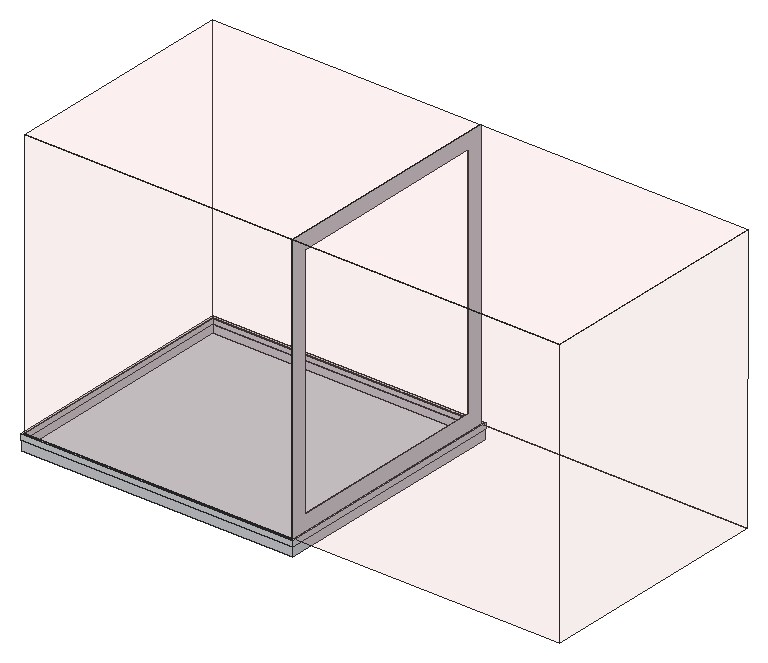
Revit family "Hager-PABLO-Flush_mounted-IP40-With_Cover-With_DIN-Hosted-IT-it", category Electrical Equipment, host Face, Revit 2023
Family settings
  Host = Face
  Panel Configuration = Two Columns, Circuits Across
  Round Connector Dimension = Use Diameter
  Part Type = Panelboard
  Cut with Voids When Loaded = No
  Maintain Annotation Orientation = Yes
  Shared = No
  Room Calculation Point = No
Parameters (values of type "PABLO-Flush_mounted_W460_H575_D25_18_Modular_Spacing-B04958")
  Width Control [instance] = if([HG000006-Flush mounted-it], if([EF000846 - Larghezza di montaggio] > min_whd, [EF000846 - Larghezza di montaggio], min_whd), if([EF000008 - Larghezza] > min_whd, ([EF000008 - Larghezza]), min_whd))  # 460 mm
  Void Depth [instance] = if([HG000006-Flush mounted-it], Depth Control, 1 mm)  # 16 mm
  Uniformat code = "D501001"
  Uniformat = "Low Tension Service & Dist."
  HGEF0002950-Numero moduli DIN = 18
  HGEF000266-Numero di file = 3
  HG000131 - Functional label [instance] = ""
  HG000130 - Functional name [instance] = ""
  Type Comments = ""
  System Height [instance] = Height Control - 2 * [HG000005-Thickness-it]  # 401 mm
  Reference description = ""
  Reference = "PABLO-Flush_mounted_W460_H575_D25_18_Modular_Spacing-B04958"
  Object type = ""
  Name hager = "ADD_Enclosures_EC000214"
  Name BIM&CO = "Electricity"
  Name = "Hager-PABLO-Flush_mounted-IP40-With_Cover-With_DIN-NoHosted-IT-it"
  Model = ""
  HG000099-Onfly Template ID-it-IT = "507532"
  HG000060-RAL-number = "7031"
  HG000059-Operating voltage-it-IT [instance] = 230 V
  HG000017-Distance between poles-it = 18 mm
  HG000016-Door 3D visibility-it = yes
  HG000015-Clearance visibility-it = yes
  HG000014-Door on the right-it = yes
  HG000013-Door on the left-it = no
  HG000012-Door swing angle-it = 90.00°
  HG000011-Empty rows from bottom-it = no
  HG000010-Asymmetric doors-it = no
  HG000009-Double swing door-it = no
  HG000008-Number of empty rows-it = 0
  HG000007-Number of empty columns-it = 0
  HG000006-Flush mounted-it = yes
  HG000005-Thickness-it = 2 mm
  HG000004-Manufacturer reference-it = "B04958"
  HG000003-Range-it = "PABLO"
  HG000002-with door or cover-it = yes
  HG000001 - Numero di colonne = 0
  GTIN (Global Trade Item Number) = ""
  ETIM class name = "Small distribution board"
  ETIM class code = "EC000214"
  EF015941 - Segnale di passaggio porta = no
  EF015777 - Morsettiera neutra = no
  EF015776 - Morsettiera di terra = no
  EF009212 - Esecuzione coperchio = ""
  EF006306 - Con serratura = no
  EF006244 - Coperchio/porta trasparente = yes
  EF005474 - Grado di protezione (IP) = "IP40"
  EF004464 - Tipo di porta = ""
  EF004462 - Tipo di chiusura = ""
  EF002950 - Numero moduli DIN = 18
  EF001596 - Materiale del corpo = ""
  EF001134 - Barra DIN = yes
  EF001131 - Profondità interna = 0 mm
  EF001088 - Possibilità di applicazione = no
  EF001062 - Esecuzione EMC = no
  EF000846 - Larghezza di montaggio = 460 mm
  EF000339 - Tipo di copertura = ""
  EF000332 - Altezza della parte incassata = 405 mm
  EF000266 - Numero di file = 3
  EF000218 - Profondità di incasso = 16 mm
  EF000118 - Con piastra di montaggio = no
  EF000116 - Numero RAL = 7031
  EF000049 - Profondità = 25 mm
  EF000040 - Altezza = 575 mm
  EF000024 - Resistente ai raggi UV = no
  EF000008 - Larghezza = 460 mm
  EF000007 - Colore = ""
  EF000003 - Tipo di montaggio = "Incassato"
  Creation Date = "12/15/2025 11:45:59"
  Code hager = "ADD-EC000214_EU"
  BIM&CO code = ""
  BC_VARIANT_ID = "1169519"
  BC_OBJECT_VERSION = "#6"  # constant formula
  BC_OBJECT_ID = "512274"  # constant formula
  BC_MODEL_ID = "1539148"  # constant formula
  Arrow Offset [instance] = Depth Control / 8  # 2 mm
  Arrow Height [instance] = Depth Control - Arrow Offset  # 14 mm
  Host Offset [instance] = if([HG000006-Flush mounted-it], 0 mm, [EF000049 - Profondità])  # 0 mm
  min_whd [instance] = (2 * [HG000005-Thickness-it]) + 1 mm  # 5 mm
  Manufacturer = "Hager"  # constant formula
  Height Control [instance] = if([HG000006-Flush mounted-it], if([EF000332 - Altezza della parte incassata] > min_whd, [EF000332 - Altezza della parte incassata], min_whd), if([EF000040 - Altezza] > min_whd, ([EF000040 - Altezza]), min_whd))  # 405 mm
  Flush Mounted - Door Frame Width [instance] = if(([EF000040 - Altezza] - [EF000332 - Altezza della parte incassata]) > 0 mm, if([HG000006-Flush mounted-it], [EF000040 - Altezza] - [EF000332 - Altezza della parte incassata], 0 mm), 0 mm)  # 170 mm
  Depth Control [instance] = if([HG000006-Flush mounted-it], if([EF000218 - Profondità di incasso] > 0 mm, [EF000218 - Profondità di incasso], 1 mm), if([EF000049 - Profondità] > 0 mm, ([EF000049 - Profondità]), 1 mm))  # 16 mm
  Default Elevation = 0 mm
Types (18, lengths in mm): name | Width Control | Void Depth | HGEF0002950-Numero moduli DIN | HGEF000266-Numero di file | System Height | Reference | HG000060-RAL-number | HG000004-Manufacturer reference-it | EF006244 - Coperchio/porta trasparente | EF002950 - Numero moduli DIN | EF000846 - Larghezza di montaggio | EF000332 - Altezza della parte incassata | EF000266 - Numero di file | EF000218 - Profondità di incasso | EF000116 - Numero RAL | EF000049 - Profondità | EF000040 - Altezza | EF000008 - Larghezza | BC_VARIANT_ID | Arrow Offset | Arrow Height | Height Control | Flush Mounted - Door Frame Width | Depth Control
  PABLO-Flush_mounted_W345_H425_D109_12_Modular_Spacing-B04104 | 345 | 77 | 12 | 2 | 401 | "PABLO-Flush_mounted_W345_H425_D109_12_Modular_Spacing-B04104" | "9016" | "B04104" | no | 12 | 345 | 405 | 2 | 77 | 9016 | 109 | 425 | 345 | "1169502" | 9.625 | 67.375 | 405 | 20 | 77
  PABLO-Flush_mounted_W455_H475_D114_12_Modular_Spacing-B04105 | 455 | 77 | 12 | 2 | 451 | "PABLO-Flush_mounted_W455_H475_D114_12_Modular_Spacing-B04105" | "9016" | "B04105" | no | 12 | 455 | 455 | 2 | 77 | 9016 | 114 | 475 | 455 | "1169503" | 9.625 | 67.375 | 455 | 20 | 77
  PABLO-Flush_mounted_W175_H191_D25_0_Modular_Spacing-B04941 | 175 | 16 | 0 | 0 | 156 | "PABLO-Flush_mounted_W175_H191_D25_0_Modular_Spacing-B04941" | "0" | "B04941" | no | 0 | 175 | 160 | 0 | 16 | 0 | 25 | 191 | 175 | "1169504" | 2 | 14 | 160 | 31 | 16
  PABLO-Flush_mounted_W211_H191_D25_0_Modular_Spacing-B04942 | 211 | 16 | 0 | 0 | 156 | "PABLO-Flush_mounted_W211_H191_D25_0_Modular_Spacing-B04942" | "9016" | "B04942" | no | 0 | 211 | 160 | 0 | 16 | 9016 | 25 | 191 | 211 | "1169505" | 2 | 14 | 160 | 31 | 16
  PABLO-Flush_mounted_W280_H235_D25_0_Modular_Spacing-B04943 | 280 | 16 | 0 | 0 | 156 | "PABLO-Flush_mounted_W280_H235_D25_0_Modular_Spacing-B04943" | "0" | "B04943" | no | 0 | 280 | 160 | 0 | 16 | 0 | 25 | 235 | 280 | "1169506" | 2 | 14 | 160 | 75 | 16
  PABLO-Flush_mounted_W352_H275_D25_12_Modular_Spacing-B04944 | 352 | 16 | 12 | 1 | 156 | "PABLO-Flush_mounted_W352_H275_D25_12_Modular_Spacing-B04944" | "9016" | "B04944" | no | 12 | 352 | 160 | 1 | 16 | 9016 | 25 | 275 | 352 | "1169507" | 2 | 14 | 160 | 115 | 16
  PABLO-Flush_mounted_W460_H275_D25_18_Modular_Spacing-B04945 | 460 | 16 | 18 | 1 | 156 | "PABLO-Flush_mounted_W460_H275_D25_18_Modular_Spacing-B04945" | "9016" | "B04945" | no | 18 | 460 | 160 | 1 | 16 | 9016 | 25 | 275 | 460 | "1169508" | 2 | 14 | 160 | 115 | 16
  PABLO-Flush_mounted_W352_H425_D25_12_Modular_Spacing-B04946 | 352 | 16 | 12 | 2 | 401 | "PABLO-Flush_mounted_W352_H425_D25_12_Modular_Spacing-B04946" | "9016" | "B04946" | no | 12 | 352 | 405 | 2 | 16 | 9016 | 25 | 425 | 352 | "1169509" | 2 | 14 | 405 | 20 | 16
  PABLO-Flush_mounted_W352_H575_D25_12_Modular_Spacing-B04947 | 352 | 16 | 12 | 3 | 401 | "PABLO-Flush_mounted_W352_H575_D25_12_Modular_Spacing-B04947" | "9016" | "B04947" | no | 12 | 352 | 405 | 3 | 16 | 9016 | 25 | 575 | 352 | "1169510" | 2 | 14 | 405 | 170 | 16
  PABLO-Flush_mounted_W460_H575_D25_18_Modular_Spacing-B04948 | 460 | 16 | 18 | 3 | 401 | "PABLO-Flush_mounted_W460_H575_D25_18_Modular_Spacing-B04948" | "9016" | "B04948" | no | 18 | 460 | 405 | 3 | 16 | 9016 | 25 | 575 | 460 | "1169511" | 2 | 14 | 405 | 170 | 16
  PABLO-Flush_mounted_W175_H191_D25_0_Modular_Spacing-B04951 | 175 | 16 | 0 | 0 | 156 | "PABLO-Flush_mounted_W175_H191_D25_0_Modular_Spacing-B04951" | "9016" | "B04951" | no | 0 | 175 | 160 | 0 | 16 | 9016 | 25 | 191 | 175 | "1169512" | 2 | 14 | 160 | 31 | 16
  PABLO-Flush_mounted_W211_H191_D25_0_Modular_Spacing-B04952 | 211 | 16 | 0 | 0 | 156 | "PABLO-Flush_mounted_W211_H191_D25_0_Modular_Spacing-B04952" | "0" | "B04952" | no | 0 | 211 | 160 | 0 | 16 | 0 | 25 | 191 | 211 | "1169513" | 2 | 14 | 160 | 31 | 16
  PABLO-Flush_mounted_W280_H235_D25_0_Modular_Spacing-B04953 | 280 | 16 | 0 | 0 | 156 | "PABLO-Flush_mounted_W280_H235_D25_0_Modular_Spacing-B04953" | "0" | "B04953" | no | 0 | 280 | 160 | 0 | 16 | 0 | 25 | 235 | 280 | "1169514" | 2 | 14 | 160 | 75 | 16
  PABLO-Flush_mounted_W352_H275_D25_12_Modular_Spacing-B04954 | 352 | 16 | 12 | 1 | 156 | "PABLO-Flush_mounted_W352_H275_D25_12_Modular_Spacing-B04954" | "7031" | "B04954" | yes | 12 | 352 | 160 | 1 | 16 | 7031 | 25 | 275 | 352 | "1169515" | 2 | 14 | 160 | 115 | 16
  PABLO-Flush_mounted_W460_H275_D25_18_Modular_Spacing-B04955 | 460 | 16 | 18 | 1 | 156 | "PABLO-Flush_mounted_W460_H275_D25_18_Modular_Spacing-B04955" | "7031" | "B04955" | no | 18 | 460 | 160 | 1 | 16 | 7031 | 25 | 275 | 460 | "1169516" | 2 | 14 | 160 | 115 | 16
  PABLO-Flush_mounted_W352_H425_D25_12_Modular_Spacing-B04956 | 352 | 16 | 12 | 2 | 401 | "PABLO-Flush_mounted_W352_H425_D25_12_Modular_Spacing-B04956" | "7031" | "B04956" | yes | 12 | 352 | 405 | 2 | 16 | 7031 | 25 | 425 | 352 | "1169517" | 2 | 14 | 405 | 20 | 16
  PABLO-Flush_mounted_W352_H575_D25_12_Modular_Spacing-B04957 | 352 | 16 | 12 | 3 | 401 | "PABLO-Flush_mounted_W352_H575_D25_12_Modular_Spacing-B04957" | "7031" | "B04957" | no | 12 | 352 | 405 | 3 | 16 | 7031 | 25 | 575 | 352 | "1169518" | 2 | 14 | 405 | 170 | 16
  PABLO-Flush_mounted_W460_H575_D25_18_Modular_Spacing-B04958 | 460 | 16 | 18 | 3 | 401 | "PABLO-Flush_mounted_W460_H575_D25_18_Modular_Spacing-B04958" | "7031" | "B04958" | yes | 18 | 460 | 405 | 3 | 16 | 7031 | 25 | 575 | 460 | "1169519" | 2 | 14 | 405 | 170 | 16
Reference planes
  plane 1 "Center (Front/Back)": y = 0
  plane 2: z = 0
  plane 3 "Center (Left/Right)": x = 0
  plane 4: z = 0
  plane 5: y = 172
  plane 6: z = -5
  plane 7: y = 372.5
  plane 8: y = 170
  plane 9: y = 575
  plane 10: z = -16
  plane 11: x = -230
  plane 12: x = 230
  plane 13: x = 228
  plane 14: x = -228
  plane 15: y = 573
  plane 16: z = -14
  plane 17: z = -2
  plane 18: z = -16
  plane 19: z = -2
  plane 20 "Annotation H": y = -100
  plane 21 "Annotation V": x = 530
Forms (mm)
  Extrusion 1, solid
    sketch origin (-583.045, 170, 1219.2) x (-1, 0, 0) y (0, 0, 1)
      loop
        line (-353.045, -1219.2) -> (-813.045, -1219.2) -> (-813.045, -1235.2) -> (-353.045, -1235.2) -> (-353.045, -1219.2)
    from 0 to 405 <- "Height Control"
  Extrusion 2, void
    sketch origin (-381.607, -4572, 0) x (0, -1, 0) y (-1, 0, 0)
      loop
        line (-5145, -153.607) -> (-5145, -609.607) -> (-4744, -609.607) -> (-4744, -153.607) -> (-5145, -153.607)
    from 0 to 14
  Extrusion 3, void
    sketch origin (0, 0, 0) x (1, 0, 0) y (0, 1, 0)
      loop
        line (-230, 170) -> (230, 170) -> (230, 575) -> (-230, 575) -> (-230, 170)
    from -16 to 1
  Extrusion 4, solid, detail levels coarse+medium
    sketch origin (-381.607, -4572, 0) x (-1, 0, 0) y (0, -1, 0)
      loop
        line (-153.607, -5145) -> (-153.607, -4744) -> (-609.607, -4744) -> (-609.607, -5145) -> (-153.607, -5145)
    from 0 to -2
Cuts and joins
  Extrusion 2 cuts Extrusion 1
Dimensions and locks
  plane 4 to plane 6 = 5 mm
  "Host Offset": plane 4 to host face
  "Flush Mounted - Door Frame Width": plane 1 "Center (Front/Back)" to plane 8
  "HG000005-Thickness-it": plane 5 to plane 8
  locked: connector elem to plane 3 "Center (Left/Right)"
  "Height Control": plane 9 to plane 8
  equal spacing: plane 9, plane 7, plane 8
  locked: connector elem to plane 7
  "Depth Control": plane 4 to plane 10
  "HG000005-Thickness-it": plane 11 to plane 14
  "HG000005-Thickness-it": plane 12 to plane 13
  equal spacing: plane 11, plane 3 "Center (Left/Right)", plane 12
  "Width Control": plane 11 to plane 12
  "Arrow Offset": nested 4 to plane 10
  "HG000005-Thickness-it": plane 9 to plane 15
  "HG000005-Thickness-it": plane 16 to plane 10
  "HG000005-Thickness-it": plane 4 to plane 17
  "Void Depth": plane 2 to plane 18
  "HG000005-Thickness-it": plane 4 to plane 19
  locked: plane 20 "Annotation H" to plane 1 "Center (Front/Back)" at 100
  locked: plane 12 to plane 21 "Annotation V" at 300
  aligned and locked: plane 2 to host face
  aligned and locked: level to host face
  aligned and locked: plane 3 "Center (Left/Right)" to nested 2
  aligned and locked: plane 4 to nested 2
  aligned and locked: nested 2 to plane 8
  aligned and locked: nested 1 to plane 6
  aligned and locked: nested 1 to plane 5
  aligned and locked: nested 4 to plane 11
  aligned and locked: nested 3 to plane 4
  aligned and locked: Extrusion 1 sketch curve to plane 12
  aligned and locked: Extrusion 1 sketch curve to plane 11
  aligned and locked: nested 3 to plane 10
  aligned and locked: plane 10 to Extrusion 1 sketch curve
  aligned and locked: Extrusion 2 sketch curve to plane 5
  aligned and locked: Extrusion 2 sketch curve to plane 15
  aligned and locked: Extrusion 2 sketch curve to plane 14
  aligned and locked: Extrusion 2 sketch curve to plane 13
  aligned and locked: plane 11 to Extrusion 3 sketch curve
  aligned and locked: plane 9 to Extrusion 3 sketch curve
  aligned and locked: Extrusion 3 sketch curve to plane 8
  aligned and locked: plane 12 to Extrusion 3 sketch curve
  aligned and locked: nested 3 to plane 12
  aligned and locked: Extrusion 3 to plane 18
  aligned and locked: Extrusion 2 to plane 16
  aligned and locked: Extrusion 1 sketch curve to plane 4
  aligned and locked: Extrusion 4 to plane 17
  aligned and locked: Extrusion 4 sketch curve to plane 15
  aligned and locked: Extrusion 4 sketch curve to plane 13
  aligned and locked: Extrusion 4 sketch curve to plane 14
  aligned and locked: Extrusion 4 sketch curve to plane 5
  aligned and locked: nested 5 to plane 21 "Annotation V"
  aligned and locked: plane 20 "Annotation H" to nested 5
Automatic sketch dimensions
  host sketch curve to host sketch curve = 1469.727 mm
  host sketch curve to host sketch curve = 1434.803 mm
Nested families
  nested 1: "Hager_Enclosure_System" at (0, 172, -5) x (1, 0, 0) z (0, 1, 0), Height <- "System Height", Width_Control <- "Width Control", Built-in_Width <- "EF000846 - Larghezza di montaggio", Width <- "EF000008 - Larghezza", Depth <- "HG000005-Thickness-it", Border <- "HG000005-Thickness-it", Distance_Between_Poles <- "HG000017-Distance between poles-it", Flush_Mounted <- "HG000006-Flush mounted-it", Empty_Columns <- "HG000007-Number of empty columns-it", Total_No_Empty_Rows <- "HG000008-Number of empty rows-it", Empty_Rows_From_Bottom <- "HG000011-Empty rows from bottom-it", Columns_Count <- "HG000001 - Numero di colonne", Rows_Count <- "HGEF000266-Numero di file", Row_Module_Multiplicator <- "HGEF0002950-Numero moduli DIN", type "Hager_Enclosure_System", detail levels fine
    with Width_Control 460 mm, Width 460 mm, Total_No_Rows 3, Total_No_Empty_Rows 0, Total_No_Columns 1, System_Width 456 mm, Rows_Count 3, Rows_Column 3, Row_Module_Multiplicator 18, Panel_4 no, Panel_3 no, Panel_2 no, Panel_1 no, No_Panels_Ctrl 1, Hide_Columns yes, Height 401 mm, Flush_Mounted yes, Empty_Rows_From_Bottom no, Empty_Rows_Column 0, Empty_Columns 0, Empty column 4 0, Empty column 3 0, Empty column 2 0, Empty column 1 0, Distance_Between_Poles 18 mm, Depth 2 mm, Columns_Count 0, Column_Width 456 mm, Built-in_Width 460 mm, Border 2 mm
  nested 2: "Hager_Enclosure_Door" at (0, 170, 0) x (1, 0, 0) z (0, 1, 0), Height_Ctrl <- "Height Control", Width_Ctrl <- "Width Control", BuiltIn_Depth <- "EF000218 - Profondità di incasso", Depth <- "EF000049 - Profondità", BuiltIn_Width <- "EF000846 - Larghezza di montaggio", Height <- "EF000040 - Altezza", BuiltIn_Height <- "EF000332 - Altezza della parte incassata", Width <- "EF000008 - Larghezza", Transparent <- "EF006244 - Coperchio/porta trasparente", Border <- "HG000005-Thickness-it", Door <- "HG000002-with door or cover-it", Flush_Mounted <- "HG000006-Flush mounted-it", Double <- "HG000009-Double swing door-it", Assymetrical <- "HG000010-Asymmetric doors-it", Angle <- "HG000012-Door swing angle-it", Door_Left <- "HG000013-Door on the left-it", Door_Right <- "HG000014-Door on the right-it", Clearance <- "HG000015-Clearance visibility-it", 3d_Door <- "HG000016-Door 3D visibility-it", type "Hager_Enclosure_Door", detail levels medium+fine
    with min_wh 5 mm, Width_Ctrl 460 mm, Width 460 mm, Transparent_Door_No_Bottom_Border no, Transparent yes, Leaf_Width 453 mm, Leaf_Tolerance 1.5 mm, Leaf_Height 398 mm, Leaf_2_Width 453 mm, Leaf_2_Offset 226.5 mm, Leaf_1_Width 453 mm, Leaf_1_Offset 226.5 mm, Height_Ctrl 405 mm, Height 575 mm, Frame_Width_Ctrl 1 mm, Frame_Width 0 mm, Frame_Internal_Offset 2 mm, Frame_Height_Ctrl 170 mm, Frame_Height 170 mm, Frame_Depth_Ctrl 9 mm, Frame_Depth 9 mm, Flush_Mounted yes, Double_Clearance_Ctrl no, Double no, Door_Right_Ctrl yes, Door_Right yes, Door_Left_Ctrl no, Door_Left no, Door yes, Depth 25 mm, Clearance_Depth 453 mm, Clearance_Ctrl yes, Clearance yes, BuiltIn_Width 460 mm, BuiltIn_Height 405 mm, BuiltIn_Depth 16 mm, Border 2 mm, Assymetrical no, Angle 90.00°, 3d_Door yes
  nested 3: "Hager_Enclosure_Symbol_Triangle" at (-230, 0, -16) x (1, 0, 0) z (0, -1, 0), Depth <- "Depth Control", Width <- "Width Control", type "Hager_Enclosure_Symbol_Triangle"
    with Width_Ctrl 460 mm, Width 460 mm, Depth_Ctrl 16 mm, Depth 16 mm
  nested 4: "Hager_Enclosure_Symbol_Arrow" at (-230, 0, -14) x (1, 0, 0) z (0, -1, 0), Height <- "Arrow Height", type "Hager_Enclosure_Symbol_Arrow"
    with Width_Inside 2 mm, Width 12.6 mm, Height_Ctrl 14 mm, Height 14 mm
  nested 5: "Hager_Annotation-HG000130" at (530, -100, 0) x (-1, 0, 0) z (0, 0, 1), HG000130 - Functional name <- "HG000130 - Functional name", type "Hager_Annotation-HG000130"
    with HG000130 - Functional name ""
Connectors
  electrical at (0, 372.5, -16)
    settings: on plane 10, index 1, voltage 0 V, apparent load 0 VA, apparent load phase1 0 VA, apparent load phase2 0 VA, apparent load phase3 0 VA, power factor 1, load classification "Other", number of poles 1, system type 30, power factor state 1, is connector primary yes, connector utility no, sub classification motor no, connector description ""
Definition of nested family "Hager_Enclosure_Door"
  Parameters (values of type "Hager_Enclosure_Door")
    min_wh [instance] = (2 * Border) + 1 mm  # 11 mm
    Width_Ctrl [instance] = 400 mm
    Width [instance] = 500 mm
    Transparent_Door_No_Bottom_Border [instance] = no
    Transparent [instance] = yes
    Leaf_Width [instance] = if((Width_Ctrl - 2 * Border - 2 * Leaf_Tolerance) > 0 mm, (Width_Ctrl - 2 * Border - 2 * Leaf_Tolerance), min_wh)  # 387 mm
    Leaf_Tolerance [instance] = 1.5 mm  # constant formula
    Leaf_Height [instance] = if((Height_Ctrl - 2 * Border - 2 * Leaf_Tolerance) > 0 mm, (Height_Ctrl - 2 * Border - 2 * Leaf_Tolerance), min_wh)  # 387 mm
    Leaf_2_Width [instance] = if(and(and(Double, Assymetrical), Door_Left), (Leaf_Width / 3) - (Leaf_Tolerance / 2), if(and(and(Double, Assymetrical), Door_Right), (Leaf_Width / 3) * 2 - (Leaf_Tolerance / 2), if(and(Double, not(Assymetrical)), (Leaf_Width / 2) - Leaf_Tolerance, Leaf_Width)))  # 387 mm
    Leaf_2_Offset [instance] = if(and(Double, Assymetrical), Leaf_2_Width / 2, if(and(Double, not(Assymetrical)), Leaf_Width / 4, Leaf_Width / 2))  # 193.5 mm
    Leaf_1_Width [instance] = if(and(and(Double, Assymetrical), Door_Right), (Leaf_Width / 3) - (Leaf_Tolerance / 2), if(and(and(Double, Assymetrical), Door_Left), (Width / 3) * 2 - (Leaf_Tolerance / 2), if(and(Double, not(Assymetrical)), (Leaf_Width / 2) - Leaf_Tolerance, Leaf_Width)))  # 387 mm
    Leaf_1_Offset [instance] = if(and(Double, Assymetrical), Leaf_1_Width / 2, if(and(Double, not(Assymetrical)), Leaf_Width / 4, Leaf_Width / 2))  # 193.5 mm
    Height_Ctrl [instance] = 400 mm
    Height [instance] = 500 mm
    Frame_Width_Ctrl [instance] = if(Frame_Width > 0 mm, Frame_Width, 1 mm)  # 1 mm
    Frame_Width [instance] = Width - BuiltIn_Width  # 0 mm
    Frame_Internal_Offset [instance] = if(Flush_Mounted, Border, 0 mm)  # 5 mm
    Frame_Height_Ctrl [instance] = if(Frame_Height > 0 mm, Frame_Height, 1 mm)  # 1 mm
    Frame_Height [instance] = Height - BuiltIn_Height  # 0 mm
    Frame_Depth_Ctrl [instance] = if(Frame_Depth > 0 mm, Frame_Depth, 1 mm)  # 1 mm
    Frame_Depth [instance] = if(Depth - BuiltIn_Depth > 0 mm, if(Flush_Mounted, Depth - BuiltIn_Depth, 0 mm), 0 mm)  # 0 mm
    Flush_Mounted [instance] = yes
    Double_Clearance_Ctrl [instance] = and(Double, Clearance)  # no
    Double [instance] = no
    Door_Right_Ctrl [instance] = and(or(Door_Right, Double), Door)  # yes
    Door_Right [instance] = yes
    Door_Left_Ctrl [instance] = and(or(Door_Left, Double), Door)  # no
    Door_Left [instance] = no
    Door [instance] = yes
    Depth [instance] = 500 mm
    Default Elevation = 1219.2 mm
    Clearance_Material = none
    Clearance_Depth [instance] = if(Leaf_1_Width > Leaf_2_Width, Leaf_1_Width, Leaf_2_Width)  # 387 mm
    Clearance_Ctrl [instance] = and(not(Double), Clearance)  # yes
    Clearance [instance] = yes
    BuiltIn_Width [instance] = 500 mm
    BuiltIn_Height [instance] = 500 mm
    BuiltIn_Depth [instance] = 500 mm
    Border [instance] = 5 mm
    Assymetrical [instance] = yes
    Angle [instance] = 30.00°
    3d_Door [instance] = yes
  Reference planes
    plane 1 "Center (Front/Back)": y = 0
    plane 2 "Bottom": z = 0
    plane 3 "Center (Left/Right)": x = 0
    plane 4: z = 400
    plane 5: x = -200
    plane 6: x = 200
    plane 7: z = 395
    plane 8: x = -195
    plane 9: z = 5
    plane 10: x = 195
    plane 11: y = 0
    plane 12: z = 6.5
    plane 13: x = -582
    plane 14: y = -387
    plane 15: x = 582
    plane 16: x = 0
    plane 17: x = 0
    plane 18: x = -193.5
    plane 19: x = 193.5
    plane 20: z = 393.5
  Forms (mm)
    Extrusion 1, solid, visible <- "Flush_Mounted"
      sketch origin (0, 0, 0) x (1, 0, 0) y (0, 0, 1)
        loop
          line (195, 5) -> (195, 395) -> (-195, 395) -> (-195, 5) -> (195, 5)
        loop
          line (-201, 401) -> (-201, -1) -> (201, -1) -> (201, 401) -> (-201, 401)
      from 0 to 1 <- "Frame_Depth_Ctrl"
    Extrusion 2, solid, material <- "Clearance_Material", visible <- "Double_Clearance_Ctrl"
      sketch origin (1200, 0, 0) x (1, 0, 0) y (0, 0, -1)
        loop
          line (-1782, -393.5) -> (-618, -393.5) -> (-618, 0) -> (-1782, 0) -> (-1782, -393.5)
      from 0 to -387
  Dimensions and locks
    equal spacing: plane 5, plane 3 "Center (Left/Right)", plane 6
    "Width_Ctrl": plane 5 to plane 6
    "Border": plane 5 to plane 8
    "Border": plane 6 to plane 10
    "Border": plane 9 to level
    "Border": plane 4 to plane 7
    "Height_Ctrl": plane 4 to level
    "Leaf_Tolerance": plane 12 to plane 9
    "Frame_Depth": plane 11 to plane 1 "Center (Front/Back)"
    "Frame_Width_Ctrl": plane 5 to Extrusion 1 sketch curve
    "Frame_Width_Ctrl": plane 6 to Extrusion 1 sketch curve
    "Frame_Width_Ctrl": Extrusion 1 sketch curve to plane 4
    "Frame_Width_Ctrl": plane 2 "Bottom" to Extrusion 1 sketch curve
    "Leaf_1_Offset": plane 18 to plane 16
    "Leaf_2_Offset": plane 17 to plane 19
    "Leaf_1_Width": plane 13 to plane 8
    "Leaf_2_Width": plane 10 to plane 15
    "Clearance_Depth": plane 14 to plane 1 "Center (Front/Back)"
    "Leaf_Tolerance": plane 8 to plane 18
    "Leaf_Tolerance": plane 19 to plane 10
    "Leaf_Tolerance": plane 7 to plane 20
    "Frame_Internal_Offset": plane 5 to Extrusion 1 sketch curve
    "Frame_Internal_Offset": Extrusion 1 sketch curve to plane 2 "Bottom"
    "Frame_Internal_Offset": plane 6 to Extrusion 1 sketch curve
    "Frame_Internal_Offset": plane 4 to Extrusion 1 sketch curve
    aligned and locked: level to plane 2 "Bottom"
    aligned and locked: nested 1 to plane 16
    aligned and locked: nested 2 to plane 17
    aligned and locked: Extrusion 2 to plane 13
    aligned and locked: plane 15 to Extrusion 2
    aligned and locked: Extrusion 2 to plane 14
    aligned and locked: plane 12 to nested 1
    aligned and locked: nested 2 to plane 12
    aligned and locked: Extrusion 2 to plane 11
    aligned and locked: plane 20 to Extrusion 2
    aligned and locked: nested 2 to plane 11
    aligned and locked: nested 1 to plane 11
  Automatic sketch dimensions
    Extrusion 2 sketch curve to level = 0 mm
    plane 5 to Extrusion 2 sketch curve = 382 mm
    plane 6 to Extrusion 2 sketch curve = 382 mm
    Extrusion 2 sketch curve to plane 4 = 6.5 mm
  Nested families
    nested 1: "Hager_Enclosure_Door_Leaf" at (0, 0, 6.5), Width <- "Leaf_1_Width", visible <- "Door_Left_Ctrl", Leaf_Height <- "Leaf_Height", Angle <- "Angle", Depth <- "Border", 3d_Door <- "3d_Door", Transparent <- "Transparent", Clearance Material <- "Clearance_Material", Clearance <- "Clearance_Ctrl", Transparent_Door_No_Bottom_Border <- "Transparent_Door_No_Bottom_Border", type "Hager_Enclosure_Door_Leaf"
      with Width 387 mm, Transparent_Door_No_Bottom_Border no, Transparent_Door_Border_Bottom_Top 25 mm, Transparent_Door_Border 25 mm, Transparent_Ctrl yes, Transparent yes, Standard no, Leaf_Height 387 mm, Glass_Offset 1 mm, Depth 5 mm, Clearance Material none, Clearance yes, Angle_Ctrl 30.00°, Angle 30.00°, 3d_Door yes
    nested 2: "Hager_Enclosure_Door_Leaf" at (0, 0, 6.5) x (-1, 0, 0) z (0, 0, 1), Width <- "Leaf_2_Width", visible <- "Door_Right_Ctrl", Leaf_Height <- "Leaf_Height", Angle <- "Angle", Depth <- "Border", 3d_Door <- "3d_Door", Transparent <- "Transparent", Clearance Material <- "Clearance_Material", Clearance <- "Clearance_Ctrl", Transparent_Door_No_Bottom_Border <- "Transparent_Door_No_Bottom_Border", type "Hager_Enclosure_Door_Leaf"
      with Width 387 mm, Transparent_Door_No_Bottom_Border no, Transparent_Door_Border_Bottom_Top 25 mm, Transparent_Door_Border 25 mm, Transparent_Ctrl yes, Transparent yes, Standard no, Leaf_Height 387 mm, Glass_Offset 1 mm, Depth 5 mm, Clearance Material none, Clearance yes, Angle_Ctrl 30.00°, Angle 30.00°, 3d_Door yes
  Definition of nested family "Hager_Enclosure_Door_Leaf"
    Parameters (values of type "Hager_Enclosure_Door_Leaf")
      Width [instance] = 2000 mm
      Transparent_Door_No_Bottom_Border [instance] = yes
      Transparent_Door_Border_Bottom_Top [instance] = if(Transparent_Door_No_Bottom_Border, 0.1 mm, Transparent_Door_Border)  # 0.1 mm
      Transparent_Door_Border [instance] = if(Transparent_Door_No_Bottom_Border, (Width * 0.12), 25 mm)  # 240 mm
      Transparent_Ctrl [instance] = and(Transparent, [3d_Door])  # yes
      Transparent [instance] = yes
      Standard [instance] = and(not(Transparent), [3d_Door])  # no
      Leaf_Height [instance] = 2720.336 mm
      Glass_Offset [instance] = if((Depth - 10 mm) / 2 > 0 mm, (Depth - 10 mm) / 2, 1 mm)  # 15 mm
      Glass_Material = none
      Depth [instance] = 40 mm
      Default Elevation = 0 mm
      Clearance Material [instance] = none
      Clearance [instance] = yes
      Angle_Ctrl [instance] = if(Angle > 170.00°, 170.00°, Angle)  # 45.00°
      Angle [instance] = 45.00°
      3d_Door [instance] = yes
    Reference planes
      plane 1 "Center (Front/Back)": y = 0
      plane 2: z = 0
      plane 3 "Center (Left/Right)": x = 0
      plane 4: y = 2000
      plane 5: x = -1000
      plane 6: x = 1000
      plane 7: x = -3000
      plane 8: z = 2720.336
      plane 9: z = 0.1
      plane 10: z = 2720.236
      plane 11: x = 760
      plane 12: x = -760
    Forms (mm)
      Extrusion 1, solid, material <- "Clearance Material", visible <- "Clearance"
        sketch origin (0, 0, 0) x (1, 0, 0) y (0, 0, 1)
          loop
            line (-3000, 2720.336) -> (-3000, 0) -> (1000, 0) -> (1000, 2720.336) -> (-3000, 2720.336)
        from 0 to -2000
      Extrusion 2, solid, visible <- "Standard", detail levels medium+fine
        sketch origin (-1000, 0, 0) x (0.707107, 0.707107, 0) y (-0.707107, 0.707107, 0)
          loop
            line (0, -40) -> (2000, -40) -> (2000, 0) -> (0, 0) -> (0, -40)
        from 0 to 2720.336 <- "Leaf_Height"
      Extrusion 3, solid, visible <- "Transparent_Ctrl", detail levels medium+fine
        sketch origin (-1000, 0, 0) x (0.707107, 0.707107, 0) y (-0.707107, 0.707107, 0)
          loop
            line (0, -40) -> (2000, -40) -> (2000, 0) -> (0, 0) -> (0, -40)
        from 0 to 2720.336 <- "Leaf_Height"
      Extrusion 4, void, detail levels medium+fine
        sketch origin (-1000, 0, 0) x (-0.707107, 0.707107, 0) y (0.707107, 0.707107, 0)
          loop
            line (0, 240) -> (0, 1760) -> (-40, 1760) -> (-40, 240) -> (0, 240)
        from -2720.236 to -0.1
      Extrusion 5, solid, material <- "Glass_Material", visible <- "Transparent_Ctrl", detail levels medium+fine
        sketch origin (-1000, 0, 0) x (0.707107, 0.707107, 0) y (-0.707107, 0.707107, 0)
          loop
            line (240, -15) -> (240, -25) -> (1760, -25) -> (1760, -15) -> (240, -15)
        from 0.1 to 2720.236
    Cuts and joins
      Extrusion 4 cuts Extrusion 3
    Lines and regions (mm)
      symbolic lines
        curve 1: line (1000, 0, 0) -> (-3000, 0, 0)
        curve 2: arc (1000, 0, 0) -> (-1000, 2000, 0) -> (-3000, 0, 0) r 2000
        curve 4: line (-1000, 0, 0) -> (414.214, 1414.214, 0)
      reference lines
        curve 3: line (-1000, 0, 0) -> (414.214, 1414.214, 0)
      symbolic lines, detail levels medium+fine
        curve 5: line (414.214, 1414.214, 0) -> (442.498, 1385.929, 0)
        curve 6: line (442.498, 1385.929, 0) -> (-971.716, -28.284, 0)
        curve 7: line (-971.716, -28.284, 0) -> (-1000, 0, 0)
        curve 8: line (-1000, 0, 2720.336) -> (1000, 0, 2720.336)
        curve 9: line (-1000, 0, 0) -> (-1000, 0, 2720.336)
        curve 10: line (1000, 0, 0) -> (-1000, 0, 0)
        curve 11: line (1000, 0, 2720.336) -> (1000, 0, 0)
      symbolic lines, visible <- "Transparent_Ctrl", detail levels medium+fine
        curve 12: line (-760, 0, 2720.236) -> (760, 0, 2720.236)
        curve 13: line (-760, 0, 0.1) -> (-760, 0, 2720.236)
        curve 14: line (760, 0, 0.1) -> (-760, 0, 0.1)
        curve 15: line (760, 0, 2720.236) -> (760, 0, 0.1)
    Dimensions and locks
      "Width": plane 1 "Center (Front/Back)" to plane 4
      equal spacing: plane 5, plane 3 "Center (Left/Right)", plane 6
      "Width": plane 5 to plane 6
      "Width": plane 7 to plane 5
      "Leaf_Height": plane 8 to level
      "Depth": curve 6 to curve 3
      "Width": curve 5 to curve 3
      "Width": curve 3 to curve 3
      "Transparent_Door_Border": Extrusion 4 sketch curve to curve 7
      "Transparent_Door_Border": Extrusion 4 sketch curve to curve 5
      "Transparent_Door_Border_Bottom_Top": plane 8 to plane 10
      "Transparent_Door_Border_Bottom_Top": plane 9 to level
      "Glass_Offset": Extrusion 5 sketch curve to curve 4
      "Glass_Offset": Extrusion 5 sketch curve to curve 6
      "Transparent_Door_Border": Extrusion 5 sketch curve to curve 5
      "Transparent_Door_Border": Extrusion 5 sketch curve to curve 7
      "Transparent_Door_Border": plane 12 to plane 5
      "Transparent_Door_Border": plane 6 to plane 11
      "Angle_Ctrl": angle plane 1 "Center (Front/Back)" to curve 3
      aligned and locked: level to plane 2
      aligned and locked: Extrusion 1 to curve 1
      aligned and locked: plane 6 to Extrusion 1
      aligned and locked: Extrusion 1 to plane 1 "Center (Front/Back)"
      aligned and locked: plane 4 to Extrusion 1
      aligned and locked: plane 8 to Extrusion 1
      aligned and locked: curve 4 to curve 3
      aligned and locked: Extrusion 2 sketch curve to curve 7
      aligned and locked: Extrusion 2 sketch curve to curve 6
      aligned and locked: Extrusion 2 sketch curve to curve 5
      aligned and locked: Extrusion 2 sketch curve to curve 3
      aligned and locked: curve 7 to Extrusion 3 sketch curve
      aligned and locked: Extrusion 3 sketch curve to curve 4
      aligned and locked: Extrusion 3 sketch curve to curve 6
      aligned and locked: Extrusion 3 sketch curve to curve 5
      aligned and locked: curve 4 to Extrusion 4 sketch curve
      aligned and locked: curve 6 to Extrusion 4 sketch curve
      aligned and locked: Extrusion 4 to plane 9
      aligned and locked: Extrusion 4 to plane 10
      aligned and locked: Extrusion 5 to plane 9
      aligned and locked: Extrusion 5 to plane 10
      aligned and locked: curve 8 to plane 8
      aligned and locked: plane 5 to curve 9
      aligned and locked: plane 2 to curve 10
      aligned and locked: curve 11 to plane 6
      aligned and locked: plane 10 to curve 12
      aligned and locked: plane 12 to curve 13
      aligned and locked: curve 14 to plane 9
      aligned and locked: plane 11 to curve 15
    Automatic sketch dimensions
      plane 1 "Center (Front/Back)" to curve 2 = 0 mm
      curve 2 to plane 5 = 0 mm
      Extrusion 1 sketch curve to level = 0 mm
      Extrusion 1 sketch curve to plane 7 = 0 mm
      Extrusion 1 sketch curve to plane 6 = 0 mm
      Extrusion 1 sketch curve to plane 8 = 0 mm
      plane 1 "Center (Front/Back)" to curve 3 = 0 mm
      curve 3 to plane 5 = 0 mm
      curve 7 to curve 3 = 0 mm
Definition of nested family "Hager_Enclosure_Symbol_Triangle"
  Parameters (values of type "Hager_Enclosure_Symbol_Triangle")
    Width_Ctrl [instance] = if(Width > 1 mm, Width, 1 mm)  # 498 mm
    Width [instance] = 498 mm
    Depth_Ctrl [instance] = if(Depth > 1 mm, Depth, 1 mm)  # 72 mm
    Depth [instance] = 72 mm
  Reference planes
    plane 1 "Centre (avant/arrière)": y = 0
    plane 2: z = 0
    plane 3 "Centre (gauche/droite)": x = 0
  Lines and regions (mm)
    Filled region 1, type "Solid_Black", in view "Niveau de réf."
      outline origin (0, 0, 0) x (1, 0, 0) y (0, 1, 0)
        loop
          line (0, 0) -> (498, 0) -> (498, 72) -> (0, 0)
    reference lines, in view "Niveau de réf."
      curve 1: line (-206.153, 72, 0) -> (1083.258, 72, 0)
      curve 2: line (498, 405.456, 0) -> (498, -517.619, 0)
  Dimensions and locks
    "Depth_Ctrl": plane 1 "Centre (avant/arrière)" to curve 1
    "Width_Ctrl": plane 3 "Centre (gauche/droite)" to curve 2
    aligned and locked: curve 1 to Filled region 1 sketch curve
    aligned and locked: Filled region 1 sketch curve to plane 1 "Centre (avant/arrière)"
    aligned and locked: curve 2 to Filled region 1 sketch curve
    aligned and locked: plane 3 "Centre (gauche/droite)" to Filled region 1 sketch curve
    aligned and locked: plane 1 "Centre (avant/arrière)" to Filled region 1 sketch curve
  Automatic sketch dimensions
    curve 1 to plane 3 "Centre (gauche/droite)" = 206.153 mm
    curve 2 to curve 1 = 585.258 mm
    plane 1 "Centre (avant/arrière)" to curve 2 = 517.619 mm
    curve 2 to plane 1 "Centre (avant/arrière)" = 405.456 mm
Definition of nested family "Hager_Enclosure_Symbol_Arrow"
  Parameters (values of type "Hager_Enclosure_Symbol_Arrow")
    Width_Inside [instance] = if(Width / 12 > 2 mm, Width / 12, 2 mm)  # 4.987 mm
    Width [instance] = if(Height_Ctrl * 0.9 > 2 mm, Height_Ctrl * 0.9, 2 mm)  # 59.85 mm
    Height_Ctrl [instance] = if(Height > 2 mm, Height, 2 mm)  # 66.5 mm
    Height [instance] = 66.5 mm
  Reference planes
    plane 1 "Centre (avant/arrière)": y = 0
    plane 2: z = 0
    plane 3 "Centre (gauche/droite)": x = 0
    plane 4: x = 59.85
    plane 5: y = 28.263
    plane 6: y = 38.238
    plane 7: y = 66.5
    plane 8: x = 29.925
    plane 9: y = 33.25
  Lines and regions (mm)
    Filled region 1, type "Solid_Black", in view "Niveau de réf."
      outline origin (0, 0, 0) x (1, 0, 0) y (0, 1, 0)
        loop
          line (59.85, 66.5) -> (37.929, 52.827) -> (51.846, 41.935) -> (59.85, 66.5)
    detail lines, in view "Niveau de réf."
      curve 1: line (0, 0, 0) -> (29.925, 38.238, 0)
      curve 2: line (29.925, 38.238, 0) -> (29.925, 28.263, 0)
      curve 3: line (29.925, 28.263, 0) -> (59.85, 66.5, 0)
  Dimensions and locks
    "Width": plane 3 "Centre (gauche/droite)" to plane 4
    "Height_Ctrl": plane 7 to plane 1 "Centre (avant/arrière)"
    equal spacing: plane 3 "Centre (gauche/droite)", plane 8, plane 4
    equal spacing: plane 7, plane 9, plane 1 "Centre (avant/arrière)"
    equal spacing: plane 6, plane 9, plane 5
    "Width_Inside": plane 6 to plane 9
    equal spacing: curve 3, Filled region 1 sketch curve, Filled region 1 sketch curve
    angle Filled region 1 sketch curve to curve 3 = 20.00°
    angle curve 3 to Filled region 1 sketch curve = 20.00°
    locked: curve 3 to Filled region 1 sketch curve (angle 90.00°)
  Automatic sketch dimensions
    plane 1 "Centre (avant/arrière)" to curve 1 = 0 mm
    curve 1 to plane 3 "Centre (gauche/droite)" = 0 mm
    curve 2 to plane 6 = 0 mm
    curve 3 to plane 8 = 0 mm
    curve 3 to plane 4 = 0 mm
    curve 2 to plane 5 = 0 mm
    curve 3 to plane 7 = 0 mm
    Filled region 1 sketch curve to plane 4 = 0 mm
    Filled region 1 sketch curve to plane 7 = 0 mm
Definition of nested family "Hager_Annotation-HG000130"
  Parameters (values of type "Hager_Annotation-HG000130")
    HG000130 - Functional name [instance] = ""
  Reference planes
    plane 1: y = 0
    plane 2: x = 0
  Lines and regions (mm)
    detail lines
      curve 1: line (-27.5, 10, 0) -> (27.5, 10, 0)
      curve 2: line (-27.5, -10, 0) -> (-27.5, 10, 0)
      curve 3: line (27.5, -10, 0) -> (-27.5, -10, 0)
      curve 4: line (27.5, 10, 0) -> (27.5, -10, 0)
  Text (mm)
    label "HG000130 - Functional name" at (0.16, 0.026, 0), shows "HG000130 - Functional name"
